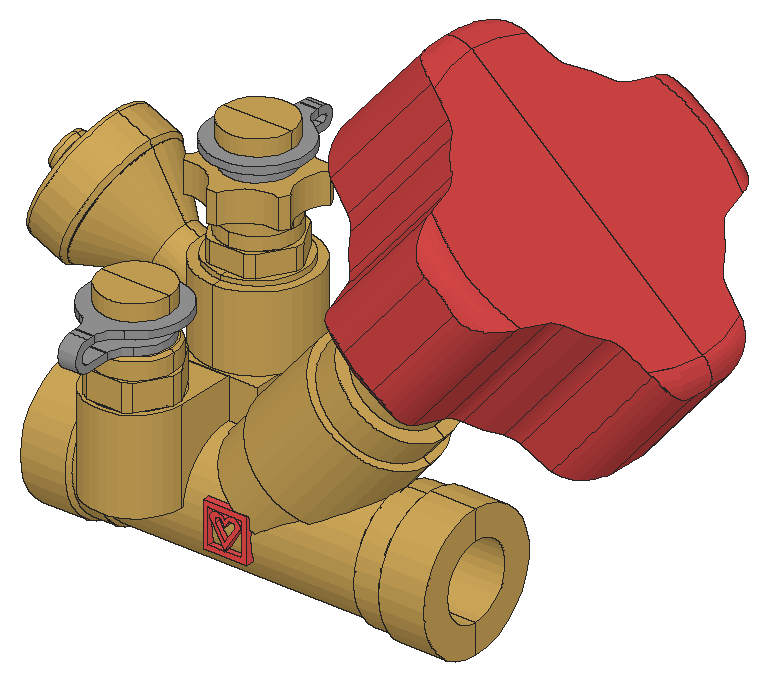
Revit family "HERZ Strömax Балансировочный клапан с измерительной диафрагмой 4017 ML (LF-MF)", category Rohrzubehör, Revit 2020
Family settings
  Bemaßung runder Anschluss = Durchmesser verwenden
  Teiletyp = Unterbricht
  OmniClass-Nummer = 23.65.55.14
  OmniClass-Titel = Valves for Liquid Services
  Arbeitsebenenbasiert = Nein
  Immer vertikal = Ja
  Beim Laden mit Abzugskörper schneiden = Nein
  Gemeinsam genutzt = Nein
Parameters (values of type "MF")
  Среда = "Качество теплоносителя должно соответствовать требованиям ONORM H 5195, VDI 2035.\r\nДопускается использование смеси этилен- пропиленгликоля в процентном соотношении 25-50% с водой."
  Область применения = "Балансировочные клапаны применяются для гидравлической балансировки систем отопления и охлаждения, регулировки магистральных трубопроводов, стояков, теплообменников, регистров отопления и охлаждения."
  Номер заказа [instance] = if(and(Nennweite = 15.000 mm, LF), 1401730, if(and(Nennweite = 15.000 mm, MF), 1401739, 0))  # 1401739
  Макс. рабочее давление = 2000000.0 Pa  # constant formula
  Макс. рабочая температура = 130 °C  # constant formula
  Макс. перепад давления на закрытом седле = 1000000.0 Pa  # constant formula
  Корпус = "латунь, устойчивая к селективной цинковой коррозии"  # constant formula
  Исполнение = "Балансировочный клапан ГЕРЦ 4017M с измерительной диафрагмой и двумя измерительными клапанами для измерений перепадов давления наклонный неподнимающийся шпиндель, муфта х муфта, без покрытия, фиксированная воспроизводимая предварительная настройка, показания преднастройки считываются в окошке маховика, с обеих сторон резьбовые муфты, уплотнение шпинделя при помощи тройных уплотнительных колец O-Ring."
  kvs-значения [instance] = if(and(Nennweite = 15.000 mm, LF), 0.46, if(and(Nennweite = 15.000 mm, MF), 0.88, 0))  # 0.88
  kv-диафрагмы [instance] = if(and(Nennweite = 15.000 mm, LF), 0.48, if(and(Nennweite = 15.000 mm, MF), 0.97, 0))  # 0.97
  W01 = 50.00°  # constant formula
  Vorgabe-Ansicht = 0.000 mm
  URL = "www.herz-armaturen.ru"
  SW01 = 60.00°  # constant formula
  SCRNSEQ = "ARM;ARM_TYP=\"STRV\";2"
  SCRNCODE = "05;07;02"  # constant formula
  S03 = 60.000 mm  # constant formula
  S02 [instance] = L04 + L06 + L07  # 76.800 mm
  S01 [instance] = D01 * 2  # 27.000 mm
  R03 = 21.500 mm  # constant formula
  R02 = 9.500 mm  # constant formula
  R01 = 12.000 mm  # constant formula
  MF = yes
  LF = no
  L10 [instance] = size_lookup("4017_ML_", "L10", 1.000 mm, Nennweite)  # 28.500 mm
  L09 [instance] = size_lookup("4017_ML_", "L9", 1.000 mm, Nennweite)  # 22.500 mm
  L08 [instance] = size_lookup("4017_ML_", "L8", 1.000 mm, Nennweite)  # 12.700 mm
  L07 [instance] = size_lookup("4017_ML_", "L7", 1.000 mm, Nennweite)  # 35.100 mm
  L06 [instance] = size_lookup("4017_ML_", "L6", 1.000 mm, Nennweite)  # 6.500 mm
  L05 [instance] = size_lookup("4017_ML_", "L5", 1.000 mm, Nennweite)  # 20.200 mm
  L04 [instance] = size_lookup("4017_ML_", "L4", 1.000 mm, Nennweite)  # 35.200 mm
  L03 [instance] = size_lookup("4017_ML_", "L3", 1.000 mm, Nennweite)  # 1.000 mm
  H03 [instance] = H01 - 19.000 mm  # 1.000 mm
  H02 = 13.000 mm  # constant formula
  E01 [instance] = L00 / -2  # -41.500 mm
  E00 = 0.000 mm  # constant formula
  D09 [instance] = size_lookup("4017_ML_", "D9", 1.000 mm, Nennweite)  # 11.750 mm
  D08 [instance] = size_lookup("4017_ML_", "D8", 1.000 mm, Nennweite)  # 9.500 mm
  D07 [instance] = size_lookup("4017_ML_", "D7", 1.000 mm, Nennweite)  # 12.000 mm
  D06 [instance] = size_lookup("4017_ML_", "D6", 1.000 mm, Nennweite)  # 13.500 mm
  D05 [instance] = size_lookup("4017_ML_", "D5", 1.000 mm, Nennweite)  # 12.500 mm
  D04 [instance] = Nennweite / 2  # 7.500 mm
  IG [instance] = Nennweite / 2  # 7.500 mm
  D03 [instance] = size_lookup("4017_ML_", "D3", 1.000 mm, Nennweite)  # 11.900 mm
  D02 [instance] = size_lookup("4017_ML_", "D2", 1.000 mm, Nennweite)  # 12.700 mm
  D01 [instance] = size_lookup("4017_ML_", "D1", 1.000 mm, Nennweite)  # 13.500 mm
  Nennweite [instance] = 15.000 mm  # constant formula
  L02 [instance] = size_lookup("4017_ML_", "L2", 1.000 mm, Nennweite)  # 5.000 mm
  L01 [instance] = size_lookup("4017_ML_", "L1", 1.000 mm, Nennweite)  # 9.250 mm
  L00 [instance] = size_lookup("4017_ML_", "L", 1.000 mm, Nennweite)  # 83.000 mm
  Hersteller = "HERZ Armaturen Ges.m.b.H."  # constant formula
  H01 [instance] = size_lookup("4017_ML_", "H1", 1.000 mm, Nennweite)  # 20.000 mm
  GT [instance] = size_lookup("4017_ML_", "GT", 1.000 mm, Nennweite)  # 13.200 mm
  DN50 [instance] = Nennweite = 50.000 mm  # no
  DN40 [instance] = Nennweite = 40.000 mm  # no
  DN32 [instance] = Nennweite = 32.000 mm  # no
  DN25 [instance] = Nennweite = 25.000 mm  # no
  DN20 [instance] = Nennweite = 20.000 mm  # no
  DN15 [instance] = Nennweite = 15.000 mm  # yes
Types (3, lengths in mm): name | Номер заказа | kvs-значения | kv-диафрагмы | MF | LF
  (no name) | 1401739 | 0.88 | 0.97 | yes | no
  LF | 1401730 | 0.46 | 0.48 | no | yes
  MF | 1401739 | 0.88 | 0.97 | yes | no
Reference planes
  plane 1 "Mitte (Vorne/hinten)": y = 0
  plane 2: z = 0
  plane 3 "Mitte (Links/rechts)": x = 0
Forms (mm)
  Revolve 1, solid, material "Messing, weicher Gelbton, geschweißt", detail levels fine
    sketch origin (470, 0, 0) x (1, 0, 0) y (0, 0, 1)
      loop
        line (-511.5, 7.5) -> (-498.3, 7.5) -> (-498.3, 0) -> (-441.7, 0) -> (-441.7, 7.5) -> (-428.5, 7.5) -> (-428.5, 13.5) -> (-437.75, 13.5) -> (-438.421, 12.7) -> (-443.421, 12.7) -> (-444.093, 11.9) -> (-495.907, 11.9) -> (-496.579, 12.7) -> (-501.579, 12.7) -> (-502.25, 13.5) -> (-511.5, 13.5) -> (-511.5, 7.5)
      axis (-511.5, 0) -> (-428.5, 0)
    angle from 0 to 360
  Revolve 2, solid, material "Messing, weicher Gelbton, geschweißt", detail levels fine
    sketch origin (0.32, 0, -0.105) x (1, 0, 0) y (0, 0, 1)
      loop
        line (-1.32, 0.105) -> (48.046, 58.937) -> (39.045, 66.49) -> (30.882, 56.761) -> (32.605, 55.315) -> (18.207, 38.155) -> (16.292, 39.762) -> (12.114, 34.783) -> (10.964, 35.747) -> (-2.02, 20.273) -> (-1.254, 19.63) -> (-7.652, 12.005) -> (-7.065, 4.926) -> (-1.32, 0.105)
      axis (-1.32, 0.105) -> (48.046, 58.937)
    angle from 0 to 360
  Extrusion 3, solid, material "Messing, weicher Gelbton, geschweißt", detail levels fine
    sketch origin (0, 0, 0) x (1, 0, 0) y (0, 1, 0)
      loop
        arc (-28.5, -12) -> (-19, -21.5) -> (-9.5, -12) r 9.5
        line (-9.5, -12) -> (-9.5, 0) -> (-28.5, 0) -> (-28.5, -12)
    from 1 <- "H03" to 20 <- "H01"
  Extrusion 4, solid, material "Messing, weicher Gelbton, geschweißt", detail levels fine
    sketch origin (0, 0, 0) x (1, 0, 0) y (0, 1, 0)
      loop
        line (-22.5, 12) -> (-22.5, 0) -> (-3.5, 0) -> (-3.5, 12)
        arc (-3.5, 12) -> (-13, 21.5) -> (-22.5, 12) r 9.5
    from 0 to 20 <- "H01"
  Extrusion 5, void
    sketch origin (0, 0, 0) x (1, 0, 0) y (0, 0, 1)
      loop
        line (55, 0) -> (80, 0) -> (80, 73) -> (55, 73) -> (55, 0)
    from 55 to -55
Cuts and joins
  Extrusion 5 cuts Revolve 2
Lines and regions (mm)
  model lines, detail levels coarse+medium
    curve 1: line (-41.5, 0, 13.5) -> (-41.5, 0, -13.5)
    curve 2: line (-41.5, 0, -13.5) -> (41.5, 0, 13.5)
    curve 3: line (41.5, 0, 13.5) -> (41.5, 0, -13.5)
    curve 4: line (41.5, 0, -13.5) -> (-41.5, 0, 13.5)
    curve 5: line (0, 0, 0) -> (38.4, 0, 66.511)
    curve 6: line (12.419, 0, 81.511) -> (64.381, 0, 51.511)
    curve 7: line (-41.5, -13.5, 0) -> (-41.5, 13.5, 0)
    curve 8: line (-41.5, 13.5, 0) -> (41.5, -13.5, 0)
    curve 9: line (41.5, -13.5, 0) -> (41.5, 13.5, 0)
    curve 10: line (41.5, 13.5, 0) -> (-41.5, -13.5, 0)
    curve 11: line (0, 0, 0) -> (38.4, 66.511, 0)
    curve 12: line (12.419, 81.511, 0) -> (64.381, 51.511, 0)
Dimensions and locks
  "L00": Revolve 1 sketch curve to Revolve 1 sketch curve
  equal spacing: Revolve 1 sketch curve, plane 3 "Mitte (Links/rechts)", Revolve 1 sketch curve
  "D01": Revolve 1 sketch curve to Revolve 1 sketch curve  (x2)
  "GT": Revolve 1 sketch curve to Revolve 1 sketch curve  (x2)
  "D06": Revolve 2 sketch curve to Revolve 2 sketch curve
  "D07": Revolve 2 sketch curve to Revolve 2 sketch curve
  "D08": Revolve 2 sketch curve to Revolve 2 sketch curve
  "D09": Revolve 2 sketch curve to Revolve 2 sketch curve
  equal spacing: curve 1, plane 3 "Mitte (Links/rechts)", curve 3
  "L00": curve 1 to curve 3
  equal spacing: curve 4, plane 2, curve 2
  "S01": curve 4 to curve 1
  "S01": curve 3 to curve 4
  equal spacing: curve 3, plane 2, curve 4
  "S02": curve 5 to curve 5
  equal spacing: curve 6, curve 5, curve 6
  "S03": curve 6 to curve 6
  equal spacing: curve 7, plane 3 "Mitte (Links/rechts)", curve 9
  "L00": curve 7 to curve 9
  equal spacing: curve 10, plane 1 "Mitte (Vorne/hinten)", curve 8
  "S01": curve 8 to curve 10
  equal spacing: curve 9, plane 1 "Mitte (Vorne/hinten)", curve 10
  "S01": curve 10 to curve 9
  "S02": curve 11 to curve 11
  equal spacing: curve 12, curve 11, curve 12
  "S03": curve 12 to curve 12
  "L01": Revolve 1 sketch curve to Revolve 1 sketch curve  (x2)
  "D02": Revolve 1 sketch curve to plane 2  (x2)
  "D03": Revolve 1 sketch curve to plane 2
  "IG": Revolve 1 sketch curve to plane 2  (x2)
  "L02": Revolve 1 sketch curve to Revolve 1 sketch curve  (x2)
  "L04": Revolve 2 sketch curve to Revolve 2 sketch curve
  "L05": Revolve 2 sketch curve to Revolve 2 sketch curve
  "D03": Revolve 2 sketch curve to plane 2
  "L06": Revolve 2 sketch curve to Revolve 2 sketch curve
  "L08": Revolve 2 sketch curve to Revolve 2 sketch curve
  "L07": Revolve 2 sketch curve to Revolve 2 sketch curve
  "D04": Revolve 2 sketch curve to Revolve 2 sketch curve
  "D05": Revolve 2 sketch curve to Revolve 2 sketch curve
  "L03": plane 3 "Mitte (Links/rechts)" to Revolve 2 sketch curve  (x2)
  "D03": nested 1 to plane 1 "Mitte (Vorne/hinten)"
  "L09": Revolve 1 to Extrusion 3 sketch curve
  "R01": Extrusion 3 sketch curve to plane 1 "Mitte (Vorne/hinten)"
  "R01": plane 1 "Mitte (Vorne/hinten)" to Extrusion 4 sketch curve
  "L10": Revolve 1 to Extrusion 4 sketch curve
  "H01": nested 2 to plane 2
  "R01": nested 2 to plane 1 "Mitte (Vorne/hinten)"
  "L09": Revolve 1 to nested 2
  Extrusion 5 sketch curve to plane 3 "Mitte (Links/rechts)" = 55.000 mm
  Extrusion 5 sketch curve to Extrusion 5 sketch curve = 25.000 mm
  Extrusion 5 sketch curve to plane 2 = 73.000 mm
  "L10": Revolve 1 to nested 4
  "R01": plane 1 "Mitte (Vorne/hinten)" to nested 4
  "H01": nested 4 to plane 2
  "R02": radius of Extrusion 3 sketch curve
  "R02": radius of Extrusion 4 sketch curve
  "W01": angle level to Revolve 2 sketch curve
  "SW01": angle plane 2 to curve 5
  "SW01": angle plane 1 "Mitte (Vorne/hinten)" to curve 11
  "W01": angle Revolve 1 sketch curve to Revolve 1 sketch curve  (x4)
  "W01": angle plane 2 to Revolve 2 sketch curve
  aligned and locked: level to plane 2
Automatic sketch dimensions
  Extrusion 5 sketch curve to level = 0.000 mm
  curve 5 to level = 0.000 mm
  plane 1 "Mitte (Vorne/hinten)" to curve 11 = 0.000 mm
  Revolve 1 sketch curve to level = 0.000 mm  (x2)
  Revolve 1 sketch curve to Revolve 1 sketch curve = 791.990 mm
  Revolve 1 sketch curve to Revolve 1 sketch curve = 2278.983 mm
  Revolve 2 sketch curve to level = 0.000 mm  (x2)
  plane 1 "Mitte (Vorne/hinten)" to Extrusion 3 sketch curve = 0.000 mm
  plane 1 "Mitte (Vorne/hinten)" to Extrusion 4 sketch curve = 0.000 mm
Nested families
  nested 1: "Herz-Logo-vorne" at (0, -11.9, 0) x (0, 1, 0) z (0, 0, 1), type "Herz-Logo-vorne", detail levels fine
  nested 2: "Messstutzen_Band_Eintritt_senkrecht_(oben)" at (-19, -12, 2.5) x (-1, 0, 0) z (0, 0, 1), type "Messstutzen_Band_Eintritt_senkrecht_(oben)", detail levels fine
    with Schutzkappe yes, Nennweite 0.000 mm, Gewicht 0.00 kg, Bestellnummer 0
  nested 3: "Strangregulierventil-Handrad (Rot) DN15-DN32" at (48.366, 0, 58.832), visible <- "DN15", type "Strangregulierventil-Handrad (Rot) DN15-DN32"
    with Nennweite 0.000 mm, Gewicht 0.00 kg, Bestellnummer 0
  nested 4: "Messstutzen_Band-KFE_Austritt_senkrecht_(oben)" at (-13, 12, 24.41), type "Messstutzen_Band-KFE_Austritt_senkrecht_(oben)", detail levels fine
    with Schutzkappe yes, Nennweite 0.000 mm, Gewicht 0.00 kg, Bestellnummer 0
Connectors
  piping at (-28.3, 0, 0), diameter 15, driven by "Nennweite"
    settings: on Revolve 1, index 1, connector inside diameter 609.6 mm, connector length 0.000 mm, flow factor 0, pipe flow 0.0 L/s, pressure drop 0.0 Pa, fitting loss kfactor 0, connector angle 0.00°, fixture units 0, engagement length 0.000 mm, angle of deflection 0.00°, flow configuration 0, flow direction 1, fitting loss method 0, system type 29, joint type 0, gender type 0, connector reference index -1, connector utility 0, adjustable connector no, is connector primary yes, connector description ""
  piping at (28.3, 0, 0), diameter 15, driven by "Nennweite"
    settings: on Revolve 1, index 2, connector inside diameter 609.6 mm, connector length 0.000 mm, flow factor 0, pipe flow 0.0 L/s, pressure drop 0.0 Pa, fitting loss kfactor 0, connector angle 0.00°, fixture units 0, engagement length 0.000 mm, angle of deflection 0.00°, flow configuration 0, flow direction 2, fitting loss method 0, system type 29, joint type 0, gender type 0, connector reference index -1, connector utility 0, adjustable connector no, is connector primary no, connector description ""
Definition of nested family "Herz-Logo-vorne"
  Parameters (values of type "Herz-Logo-vorne")
    Default Elevation = 0.000 mm
  Reference planes
    plane 1 "Mitte (Vorne/hinten)": y = 0
    plane 2: z = 0
    plane 3 "Mitte (Links/rechts)": x = 0
  Forms (mm)
    Extrusion 1, solid
      sketch origin (0.732, -0.018, 0.017) x (0, -1, 0) y (0, 0, 1)
        loop
          line (-0.018, -4.517) -> (4.482, -4.517) -> (4.482, 4.483) -> (-4.518, 4.483) -> (-4.518, -4.517) -> (-0.018, -4.517)
        loop
          line (-0.05, -3.48) -> (3.482, -3.48) -> (3.482, 3.483) -> (-3.518, 3.483) -> (-3.518, -3.48) -> (-0.05, -3.48)
        loop
          arc (-0.018, 2.383) -> (-1.543, 3.287) -> (-3.067, 2.383) r 1.738
          arc (-3.067, 2.383) -> (-3.191, 1.899) -> (-3.067, 1.415) r 1.009
          line (-3.067, 1.415) -> (-0.018, -3.281) -> (3.032, 1.415)
          arc (3.032, 1.415) -> (3.156, 1.899) -> (3.032, 2.383) r 1.009
          arc (3.032, 2.383) -> (1.507, 3.287) -> (-0.018, 2.383) r 1.738
        loop
          arc (1.885, 1.272) -> (2.005, 1.675) -> (1.885, 2.079) r 0.74
          arc (1.885, 2.079) -> (1.265, 2.416) -> (0.644, 2.079) r 0.74
          line (0.644, 2.079) -> (-0.018, 0.97) -> (-0.679, 2.079)
          arc (-0.679, 2.079) -> (-1.3, 2.416) -> (-1.921, 2.079) r 0.74
          arc (-1.921, 2.079) -> (-2.04, 1.675) -> (-1.921, 1.272) r 0.74
          line (-1.921, 1.272) -> (-0.018, -1.658) -> (1.885, 1.272)
      from 0 to 1.5
  Dimensions and locks
    aligned and locked: level to plane 2
Definition of nested family "Messstutzen_Band_Eintritt_senkrecht_(oben)"
  Parameters (values of type "Messstutzen_Band_Eintritt_senkrecht_(oben)")
    Default Elevation = 0.000 mm
    URL = "www.herz-armaturen.at"
    Schutzkappe [instance] = yes
    Nennweite [instance] = 0.000 mm
    Manufacturer = "Herz Armaturen GmbH"  # constant formula
    Gewicht [instance] = 0.00 kg
    Bestellnummer [instance] = 0
  Reference planes
    plane 1 "Mitte (Vorne/hinten)": y = 0
    plane 2: z = 0
    plane 3 "Mitte (Links/rechts)": x = 0
    plane 4 "Schlaufe 1": z = -27
    plane 5 "Schlaufe 2": z = -31.678
  Forms (mm)
    Revolve 1, solid, detail levels fine
      sketch origin (0, 0, 0) x (1, 0, 0) y (0, 0, 1)
        loop
          line (-7.4, 9) -> (-5.55, 9) -> (-5.55, 6)
          arc (-5.55, 6) -> (-5.626, 5.617) -> (-5.843, 5.293) r 1
          line (-5.843, 5.293) -> (-6.455, 4.681) -> (-6.455, 0.9) -> (-5.555, 0) -> (-2, 0) -> (-2, 17.5) -> (-8.4, 17.5)
          arc (-8.4, 17.5) -> (-7.693, 17.207) -> (-7.4, 16.5) r 1
          line (-7.4, 16.5) -> (-7.4, 9)
        loop
          line (-3.7, 27) -> (-7.3, 27) -> (-7.9, 26.4) -> (-7.9, 23) -> (-2, 23) -> (-2, 35.8) -> (-3.805, 35.8) -> (-4.415, 35.19) -> (-4.415, 30.863) -> (-3.7, 30.45) -> (-3.7, 27)
        axis (0, 0) -> (0, 35.8)
      angle from 0 to 360
    Extrusion 2, solid, detail levels fine
      sketch origin (0, 0, 17.5) x (0, 1, 0) y (-1, 0, 0)
        loop
          arc (-7.07, 5.156) -> (-7.578, 4.375) -> (-8, 3.544) r 8.75
          line (-8, 3.544) -> (-8, -3.544)
          arc (-8, -3.544) -> (-7.578, -4.375) -> (-7.07, -5.156) r 8.75
          line (-7.07, -5.156) -> (-0.93, -8.7)
          arc (-0.93, -8.7) -> (0, -8.75) -> (0.93, -8.7) r 8.75
          line (0.93, -8.7) -> (7.07, -5.156)
          arc (7.07, -5.156) -> (7.578, -4.375) -> (8, -3.544) r 8.75
          line (8, -3.544) -> (8, 3.544)
          arc (8, 3.544) -> (7.578, 4.375) -> (7.07, 5.156) r 8.75
          line (7.07, 5.156) -> (0.93, 8.7)
          arc (0.93, 8.7) -> (0, 8.75) -> (-0.93, 8.7) r 8.75
          line (-0.93, 8.7) -> (-7.07, 5.156)
      from 0 to 5.5
    Revolve 3, solid, visible <- "Schutzkappe", detail levels fine
      sketch origin (0, 0, 0) x (1, 0, 0) y (0, 0, 1)
        loop
          line (0, 35.878) -> (0, 36.678) -> (-7, 36.678) -> (-7, 33.378) -> (-6.1, 33.378) -> (-6.1, 31.678) -> (-6.9, 31.678) -> (-6.9, 30.178) -> (-4.415, 30.178) -> (-4.415, 35.268) -> (-3.805, 35.878) -> (0, 35.878)
        axis (0, 30.178) -> (0, 36.678)
      angle from 0 to 360
    Extrusion 4, solid, detail levels fine
      sketch origin (0, 0, 28.5) x (1, 0, 0) y (0, 1, 0)
        loop
          circle (0, 0) r 3.7
        loop
          arc (-3.906, 5.505) -> (0, -6.75) -> (3.906, 5.505) r 6.75
          arc (3.906, 5.505) -> (2.358, 7.288) -> (1.8, 9.582) r 5
          line (1.8, 9.582) -> (-1.8, 9.582)
          arc (-1.8, 9.582) -> (-2.358, 7.288) -> (-3.906, 5.505) r 5
      from 0 to -1.5
    Extrusion 5, solid, detail levels fine
      sketch origin (0, 0, 33.178) x (1, 0, 0) y (0, 1, 0)
        loop
          circle (0, 0) r 6.1
        loop
          arc (-4.495, 8.652) -> (0, -9.75) -> (4.495, 8.652) r 9.75
          arc (4.495, 8.652) -> (2.527, 10.493) -> (1.8, 13.089) r 5
          line (1.8, 13.089) -> (-1.8, 13.089)
          arc (-1.8, 13.089) -> (-2.527, 10.493) -> (-4.495, 8.652) r 5
      from 0 to -1.5
    Sweep 6, solid, detail levels fine
      path origin (0, 0, 0) x (0, 0, -1) y (0, -1, 0)
        loop
          line (-27.75, -9.582) -> (-27.75, -14.522)
          arc (-27.75, -14.522) -> (-30.089, -16.862) -> (-32.428, -14.522) r 2.339
          line (-32.428, -14.522) -> (-32.428, -13.089)
      profile origin (0, 12.052, 27.75) x (0, 0, 1) y (1, 0, 0)
        loop
          line (-0.75, -1.8) -> (0.75, -1.8) -> (0.75, 1.8) -> (-0.75, 1.8) -> (-0.75, -1.8)
  Dimensions and locks
    aligned and locked: level to plane 2
Definition of nested family "Strangregulierventil-Handrad (Rot) DN15-DN32"
  Parameters (values of type "Strangregulierventil-Handrad (Rot) DN15-DN32")
    Default Elevation = 0.000 mm
    URL = "www.herz-armaturen.at"
    Nennweite [instance] = 0.000 mm
    Manufacturer = "Herz Armaturen GmbH"  # constant formula
    Gewicht [instance] = 0.00 kg
    Bestellnummer [instance] = 0
  Reference planes
    plane 1 "Mitte (Vorne/hinten)": y = 0
    plane 2: z = 0
    plane 3 "Mitte (Links/rechts)": x = 0
  Forms (mm)
    Revolve 1, solid, detail levels fine
      sketch origin (0, 0, 0) x (0.766044, 0, -0.642788) y (0.642788, 0, 0.766044)
        loop
          line (0, 0) -> (0, 24.95) -> (-30.992, 24.95)
          arc (-30.992, 24.95) -> (-34.37, 23.636) -> (-35.973, 20.386) r 5
          line (-35.973, 20.386) -> (-37, 8.65) -> (-35.986, -2.936)
          arc (-35.986, -2.936) -> (-34.383, -6.186) -> (-31.005, -7.5) r 5
          line (-31.005, -7.5) -> (-15, -7.5) -> (-15, 0) -> (0, 0)
        axis (0, 24.95) -> (0, -7.5)
      angle from 0 to 360
    Extrusion 2, void
      sketch origin (13.049, 0, 15.551) x (0.766044, 0, -0.642788) y (0, 1, 0)
        loop
          line (3.861, 35.5) -> (-3.861, 35.5)
          arc (-3.861, 35.5) -> (-8.731, 33.847) -> (-11.589, 29.571) r 8
          line (-11.589, 29.571) -> (-13.284, 23.245)
          arc (-13.284, 23.245) -> (-13.982, 21.722) -> (-15.144, 20.516) r 5
          arc (-15.144, 20.516) -> (-18.031, 18.031) -> (-20.516, 15.144) r 25.5
          arc (-20.516, 15.144) -> (-21.722, 13.982) -> (-23.245, 13.284) r 5
          line (-23.245, 13.284) -> (-29.571, 11.589)
          arc (-29.571, 11.589) -> (-33.847, 8.731) -> (-35.5, 3.861) r 8
          line (-35.5, 3.861) -> (-35.5, -3.861)
          arc (-35.5, -3.861) -> (-33.847, -8.731) -> (-29.571, -11.589) r 8
          line (-29.571, -11.589) -> (-23.245, -13.284)
          arc (-23.245, -13.284) -> (-21.722, -13.982) -> (-20.516, -15.144) r 5
          arc (-20.516, -15.144) -> (-18.031, -18.031) -> (-15.144, -20.516) r 25.5
          arc (-15.144, -20.516) -> (-13.982, -21.722) -> (-13.284, -23.245) r 5
          line (-13.284, -23.245) -> (-11.589, -29.571)
          arc (-11.589, -29.571) -> (-8.731, -33.847) -> (-3.861, -35.5) r 8
          line (-3.861, -35.5) -> (3.861, -35.5)
          arc (3.861, -35.5) -> (8.731, -33.847) -> (11.589, -29.571) r 8
          line (11.589, -29.571) -> (13.284, -23.245)
          arc (13.284, -23.245) -> (13.982, -21.722) -> (15.144, -20.516) r 5
          arc (15.144, -20.516) -> (18.031, -18.031) -> (20.516, -15.144) r 25.5
          arc (20.516, -15.144) -> (21.722, -13.982) -> (23.245, -13.284) r 5
          line (23.245, -13.284) -> (29.571, -11.589)
          arc (29.571, -11.589) -> (33.847, -8.731) -> (35.5, -3.861) r 8
          line (35.5, -3.861) -> (35.5, 3.861)
          arc (35.5, 3.861) -> (33.847, 8.731) -> (29.571, 11.589) r 8
          line (29.571, 11.589) -> (23.245, 13.284)
          arc (23.245, 13.284) -> (21.722, 13.982) -> (20.516, 15.144) r 5
          arc (20.516, 15.144) -> (18.031, 18.031) -> (15.144, 20.516) r 25.5
          arc (15.144, 20.516) -> (13.982, 21.722) -> (13.284, 23.245) r 5
          line (13.284, 23.245) -> (11.589, 29.571)
          arc (11.589, 29.571) -> (8.731, 33.847) -> (3.861, 35.5) r 8
        loop
          circle (0, 0) r 38
      from -31.266 to 7.923
  Cuts and joins
    Extrusion 2 cuts Revolve 1
  Dimensions and locks
    Revolve 1 sketch curve to Revolve 1 sketch curve = 15.000 mm
    Revolve 1 sketch curve to Revolve 1 sketch curve = 16.150 mm
    Revolve 1 sketch curve to Revolve 1 sketch curve = 16.300 mm
    angle Revolve 1 sketch curve to Revolve 1 sketch curve = 95.00°
    aligned and locked: level to plane 2
Definition of nested family "Messstutzen_Band-KFE_Austritt_senkrecht_(oben)"
  Parameters (values of type "Messstutzen_Band-KFE_Austritt_senkrecht_(oben)")
    Default Elevation = 0.000 mm
    URL = "www.herz-armaturen.at"
    Schutzkappe [instance] = yes
    Nennweite [instance] = 0.000 mm
    Manufacturer = "Herz Armaturen GmbH"  # constant formula
    Gewicht [instance] = 0.00 kg
    Bestellnummer [instance] = 0
  Reference planes
    plane 1 "Mitte (Vorne/hinten)": y = 0
    plane 2: z = 0
    plane 3 "Mitte (Links/rechts)": x = 0
  Forms (mm)
    Revolve 1, solid, detail levels fine
      sketch origin (0, 0, 0) x (1, 0, 0) y (0, 0, 1)
        loop
          line (-7.4, 9) -> (-5.55, 9) -> (-5.55, 6)
          arc (-5.55, 6) -> (-5.626, 5.617) -> (-5.843, 5.293) r 1
          line (-5.843, 5.293) -> (-6.455, 4.681) -> (-6.455, 0.9) -> (-5.555, 0) -> (-2, 0) -> (-2, 23) -> (-2, 35.8) -> (-3.805, 35.8) -> (-4.415, 35.19) -> (-4.415, 30.863) -> (-3.7, 30.45) -> (-3.7, 27) -> (-7.4, 27) -> (-7.4, 9)
        axis (0, 0) -> (0, 35.8)
      angle from 0 to 360
    Extrusion 2, solid, detail levels fine
      sketch origin (0, 0, 17.5) x (0, 1, 0) y (-1, 0, 0)
        loop
          arc (-7.07, 5.156) -> (-7.578, 4.375) -> (-8, 3.544) r 8.75
          line (-8, 3.544) -> (-8, -3.544)
          arc (-8, -3.544) -> (-7.578, -4.375) -> (-7.07, -5.156) r 8.75
          line (-7.07, -5.156) -> (-0.93, -8.7)
          arc (-0.93, -8.7) -> (0, -8.75) -> (0.93, -8.7) r 8.75
          line (0.93, -8.7) -> (7.07, -5.156)
          arc (7.07, -5.156) -> (7.578, -4.375) -> (8, -3.544) r 8.75
          line (8, -3.544) -> (8, 3.544)
          arc (8, 3.544) -> (7.578, 4.375) -> (7.07, 5.156) r 8.75
          line (7.07, 5.156) -> (0.93, 8.7)
          arc (0.93, 8.7) -> (0, 8.75) -> (-0.93, 8.7) r 8.75
          line (-0.93, 8.7) -> (-7.07, 5.156)
      from -5.51 to -1.21
    Revolve 3, solid, visible <- "Schutzkappe", detail levels fine
      sketch origin (0, 0, 0) x (1, 0, 0) y (0, 0, 1)
        loop
          line (0, 35.878) -> (0, 36.678) -> (-7, 36.678) -> (-7, 33.378) -> (-6.1, 33.378) -> (-6.1, 31.678) -> (-6.9, 31.678) -> (-6.9, 30.178) -> (-4.415, 30.178) -> (-4.415, 35.268) -> (-3.805, 35.878) -> (0, 35.878)
        axis (0, 30.178) -> (0, 36.678)
      angle from 0 to 360
    Extrusion 4, solid, detail levels fine
      sketch origin (0, 0, 30) x (1, 0, 0) y (0, 1, 0)
        loop
          circle (0, 0) r 3.7
        loop
          arc (-3.906, 5.505) -> (0, -6.75) -> (3.906, 5.505) r 6.75
          arc (3.906, 5.505) -> (2.358, 7.288) -> (1.8, 9.582) r 5
          line (1.8, 9.582) -> (-1.8, 9.582)
          arc (-1.8, 9.582) -> (-2.358, 7.288) -> (-3.906, 5.505) r 5
      from 0 to -1.5
    Extrusion 5, solid, detail levels fine
      sketch origin (0, 0, 33.178) x (1, 0, 0) y (0, 1, 0)
        loop
          circle (0, 0) r 6.1
        loop
          arc (-4.495, 8.652) -> (0, -9.75) -> (4.495, 8.652) r 9.75
          arc (4.495, 8.652) -> (2.527, 10.493) -> (1.8, 13.089) r 5
          line (1.8, 13.089) -> (-1.8, 13.089)
          arc (-1.8, 13.089) -> (-2.527, 10.493) -> (-4.495, 8.652) r 5
      from 0 to -1.5
    Sweep 6, solid, detail levels fine
      path origin (0, 0, 0) x (0, 0, -1) y (0, -1, 0)
        loop
          line (-29.25, -9.582) -> (-29.25, -14.522)
          arc (-29.25, -14.522) -> (-30.839, -16.112) -> (-32.428, -14.522) r 1.589
          line (-32.428, -14.522) -> (-32.428, -13.089)
      profile origin (0, 12.052, 29.25) x (0, 0, 1) y (1, 0, 0)
        loop
          line (-0.75, -1.8) -> (0.75, -1.8) -> (0.75, 1.8) -> (-0.75, 1.8) -> (-0.75, -1.8)
    Extrusion 7, solid, detail levels fine
      sketch origin (-101.196, 0, 0) x (1, 0, 0) y (0, 1, 0)
        loop
          arc (112.053, 5.113) -> (111.589, 6) -> (111.053, 6.845) r 12
          arc (111.053, 6.845) -> (105.696, 7.794) -> (102.196, 11.958) r 7.971
          arc (102.196, 11.958) -> (101.196, 12) -> (100.196, 11.958) r 12
          arc (100.196, 11.958) -> (96.696, 7.794) -> (91.34, 6.845) r 7.971
          arc (91.34, 6.845) -> (90.804, 6) -> (90.34, 5.113) r 12
          arc (90.34, 5.113) -> (92.196, 0) -> (90.34, -5.113) r 7.971
          arc (90.34, -5.113) -> (90.804, -6) -> (91.34, -6.845) r 12
          arc (91.34, -6.845) -> (96.696, -7.794) -> (100.196, -11.958) r 7.971
          arc (100.196, -11.958) -> (101.196, -12) -> (102.196, -11.958) r 12
          arc (102.196, -11.958) -> (105.696, -7.794) -> (111.053, -6.845) r 7.971
          arc (111.053, -6.845) -> (111.589, -6) -> (112.053, -5.113) r 12
          arc (112.053, -5.113) -> (110.196, 0) -> (112.053, 5.113) r 7.971
      from 22.3 to 28.5
    Revolve 8, solid, detail levels fine
      sketch origin (0, 43.374, -20) x (0, 1, 0) y (0, 0, 1)
        loop
          line (-43.374, 0) -> (-37.874, 0) -> (-36.774, 1.1) -> (-36.774, 4.9) -> (-37.874, 6) -> (-37.874, 8.4) -> (-36.424, 8.4) -> (-36.424, 9.2) -> (-34.424, 9.2) -> (-34.424, 15.59) -> (-31.874, 15.59) -> (-31.874, 30.99) -> (-33.874, 30.99) -> (-33.874, 31.99) -> (-43.374, 31.99) -> (-43.374, 0)
        loop
          line (-43.374, 39) -> (-43.374, 36.29) -> (-35.874, 36.29) -> (-35.874, 39) -> (-43.374, 39)
        axis (-43.374, 39) -> (-43.374, 0)
      angle from 0 to 360
    Revolve 9, solid, detail levels fine
      sketch origin (0, 0, 0) x (-1, 0, 0) y (0, 0, 1)
        loop
          line (0, -1.01) -> (32.627, 14.204) -> (27.556, 25.08) -> (25.934, 25.67) -> (21.602, 23.65) -> (14.873, 11.994) -> (-2.324, 3.975) -> (0, -1.01)
        axis (32.627, 14.204) -> (0, -1.01)
      angle from 0 to 360
    Revolve 10, solid, detail levels fine
      sketch origin (-51.188, 0, -39.797) x (-0.422618, 0, -0.906308) y (-0.906308, 0, 0.422618)
        loop
          line (-56.786, 8) -> (-45.747, 8) -> (-45.747, 0) -> (-43.834, 0) -> (-42.786, 1.048) -> (-42.786, 8.048)
          arc (-42.786, 8.048) -> (-43.065, 8.721) -> (-43.738, 9) r 0.952
          line (-43.738, 9) -> (-52.974, 9)
          arc (-52.974, 9) -> (-53.548, 9.238) -> (-53.786, 9.812) r 0.812
          line (-53.786, 9.812) -> (-53.786, 12) -> (-52.786, 12) -> (-52.786, 13.03)
          arc (-52.786, 13.03) -> (-53.07, 13.716) -> (-53.756, 14) r 0.97
          line (-53.756, 14) -> (-56.786, 14) -> (-56.786, 8)
        axis (-56.786, 14) -> (-56.786, 0)
      angle from 0 to 360
  Dimensions and locks
    aligned and locked: level to plane 2
